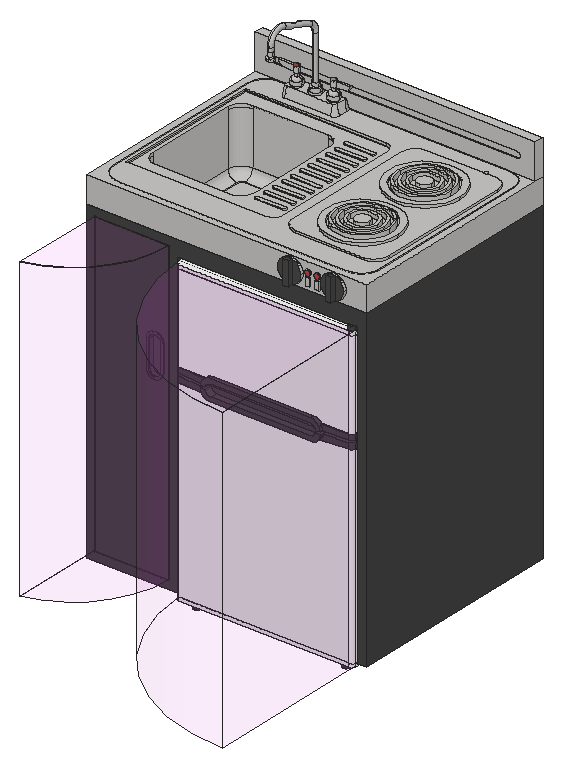
Revit family "QF_Summit_C30ELBK_Kitchenette", category Specialty Equipment, Revit 2020
Family settings
  Round Connector Dimension = Use Diameter
  Part Type = Normal
  Work Plane-Based = No
  Always vertical = Yes
  Cut with Voids When Loaded = No
  Shared = No
  Room Calculation Point = No
Parameters
  Weight in Pounds = 108
  Watts = Volts * FL Amps  # 1506.5 W
  Volts = 115 V
  URL Cutsheet = ""
  Specification by User = ""
  Specification by Manufacturer = ""
  Show LHD [instance] = no
  Show Legs [instance] = no
  Show Clearance [instance] = yes
  Serial Number = ""
  Seismic Rating = ""
  SMACNA No = ""
  Revision Code = ""
  Refrigerant Volume = 0.00 kip
  Refrigerant Type = "R600a"
  Phase = 1
  Number of Poles = 1
  NAFEM Spec ID Number = ""
  Model = "C30ELBK"
  Min Ckt Ampacity = 0 A
  Max Overcurrent Protection = 0 A
  Masterspec = ""
  Manufacturer = "Summit"
  Length = 30"
  Item Number = ""
  Installed By = ""
  Identify Quantity as Lot = yes
  Height = 41 1/2"
  HP = ""
  Furnished By = ""
  Foodservice Equipment Identifier = yes
  FL Amps = 13.1 A
  Electrical Remarks = ""
  Electric Connection Type = ""
  Elec Conn RI Height = 0"
  Elec Conn Connection Height = 0"
  Description = "Kitchenette"
  Depth = 23 5/8"
  Default Elevation = 0"
  Cycle = 60 Hz
  Conn Plug = ""
  Conn Conduit = yes
  CSI MasterFormat = ""
  BTUH = 0.0 Btu/h
  Apparent Power = if(Phase = 3, Volts * FL Amps * 1.73, Volts * FL Amps)  # 1506.5 VA
Reference planes (in)
  plane 1 "BACK": y = 0
  plane 2: z = 0
  plane 3 "LEFT": x = 0
  plane 4 "RIGHT": x = 30
  plane 5 "FRONT": y = -23.625
  plane 6 "TOP": z = 41.5
  plane 7 "Center Y": x = 15
  plane 8 "Center X": y = -11.8125
  plane 9: z = 37.75
  plane 10: z = 35
  plane 11: z = 1
  plane 12: x = 9.75
  plane 13: x = 29.125
  plane 14: z = 22
  plane 15: z = 47.25
  plane 16: y = -1
  plane 17: y = -41.875
  plane 18: z = 37.5
  plane 19: z = 33
  plane 20: y = -33.625
  plane 21: x = 17.91253
  plane 22: x = 26.07381
  plane 23: y = -24.625
Forms (in)
  Extrusion 1, solid, material "QF_Metal_Stainless_Polished"
    sketch origin (-11.06091, -180, 37.75) x (-1, 0, 0) y (0, -1, 0)
      loop
        line (-11.06091, -180) -> (-11.06091, -156.375) -> (-41.06091, -156.375) -> (-41.06091, -180) -> (-11.06091, -180)
      loop
        line (-11.81091, -177) -> (-11.81091, -159.125)
        arc (-11.81091, -159.125) -> (-12.3967, -157.71079) -> (-13.81091, -157.125) r 2
        line (-13.81091, -157.125) -> (-38.31091, -157.125)
        arc (-38.31091, -157.125) -> (-39.72512, -157.71079) -> (-40.31091, -159.125) r 2
        line (-40.31091, -159.125) -> (-40.31091, -177)
        arc (-40.31091, -177) -> (-39.72512, -178.41421) -> (-38.31091, -179) r 2
        line (-38.31091, -179) -> (-13.81091, -179)
        arc (-13.81091, -179) -> (-12.3967, -178.41421) -> (-11.81091, -177) r 2
    from 0 to -2.75
  Extrusion 2, solid, material "QF_Metal_Stainless_Polished"
    sketch origin (-2.35752, -180, 37.5) x (-1, 0, 0) y (0, -1, 0)
      loop
        line (-3.56275, -176.20889) -> (-3.56275, -160.20889) -> (-18.56275, -160.20889)
        arc (-18.56275, -160.20889) -> (-19.26985, -160.50178) -> (-19.56275, -161.20889) r 1
        line (-19.56275, -161.20889) -> (-19.56275, -175.20889)
        arc (-19.56275, -175.20889) -> (-19.26985, -175.916) -> (-18.56275, -176.20889) r 1
        line (-18.56275, -176.20889) -> (-3.56275, -176.20889)
      loop
        arc (-13.59109, -161.625) -> (-14.65175, -162.06434) -> (-15.09109, -163.125) r 1.5
        line (-15.09109, -163.125) -> (-15.09109, -173.125)
        arc (-15.09109, -173.125) -> (-14.65175, -174.18566) -> (-13.59109, -174.625) r 1.5
        line (-13.59109, -174.625) -> (-5.59109, -174.625)
        arc (-5.59109, -174.625) -> (-4.53043, -174.18566) -> (-4.09109, -173.125) r 1.5
        line (-4.09109, -173.125) -> (-4.09109, -163.125)
        arc (-4.09109, -163.125) -> (-4.53043, -162.06434) -> (-5.59109, -161.625) r 1.5
        line (-5.59109, -161.625) -> (-13.59109, -161.625)
    from 0 to -0.25
  Extrusion 3, solid, material "QF_Metal_Stainless_Polished"
    sketch origin (-2.35752, -178, 37.5) x (-1, 0, 0) y (0, -1, 0)
      loop
        line (-18.56275, -174.20889) -> (-3.56275, -174.20889) -> (-3.56275, -158.20889) -> (-18.56275, -158.20889)
        arc (-18.56275, -158.20889) -> (-19.26985, -158.50178) -> (-19.56275, -159.20889) r 1
        line (-19.56275, -159.20889) -> (-19.56275, -173.20889)
        arc (-19.56275, -173.20889) -> (-19.26985, -173.916) -> (-18.56275, -174.20889) r 1
      loop
        line (-3.10752, -175) -> (-3.10752, -157.125)
        arc (-3.10752, -157.125) -> (-3.69331, -155.71079) -> (-5.10752, -155.125) r 2
        line (-5.10752, -155.125) -> (-29.60752, -155.125)
        arc (-29.60752, -155.125) -> (-31.02174, -155.71079) -> (-31.60752, -157.125) r 2
        line (-31.60752, -157.125) -> (-31.60752, -175)
        arc (-31.60752, -175) -> (-31.02174, -176.41421) -> (-29.60752, -177) r 2
        line (-29.60752, -177) -> (-5.10752, -177)
        arc (-5.10752, -177) -> (-3.69331, -176.41421) -> (-3.10752, -175) r 2
    from 0 to -0.25
  Extrusion 4, solid, material "QF_Metal_Stainless_Polished"
    sketch origin (-2.35752, -180, 37.5) x (-1, 0, 0) y (0, -1, 0)
      loop
        arc (-15.77666, -174.67909) -> (-15.56215, -174.46458) -> (-15.77666, -174.25006) r 0.21452
        line (-15.77666, -174.25006) -> (-18.6341, -174.25006)
        arc (-18.6341, -174.25006) -> (-18.84861, -174.46458) -> (-18.6341, -174.67909) r 0.21452
        line (-18.6341, -174.67909) -> (-15.77666, -174.67909)
      loop
        arc (-15.77666, -173.42909) -> (-15.56215, -173.21458) -> (-15.77666, -173.00006) r 0.21452
        line (-15.77666, -173.00006) -> (-18.6341, -173.00006)
        arc (-18.6341, -173.00006) -> (-18.84861, -173.21458) -> (-18.6341, -173.42909) r 0.21452
        line (-18.6341, -173.42909) -> (-15.77666, -173.42909)
      loop
        arc (-15.77666, -172.24159) -> (-15.56215, -172.02708) -> (-15.77666, -171.81256) r 0.21452
        line (-15.77666, -171.81256) -> (-18.6341, -171.81256)
        arc (-18.6341, -171.81256) -> (-18.84861, -172.02708) -> (-18.6341, -172.24159) r 0.21452
        line (-18.6341, -172.24159) -> (-15.77666, -172.24159)
      loop
        arc (-15.77666, -171.05409) -> (-15.56215, -170.83958) -> (-15.77666, -170.62506) r 0.21452
        line (-15.77666, -170.62506) -> (-18.6341, -170.62506)
        arc (-18.6341, -170.62506) -> (-18.84861, -170.83958) -> (-18.6341, -171.05409) r 0.21452
        line (-18.6341, -171.05409) -> (-15.77666, -171.05409)
      loop
        arc (-15.77666, -169.86659) -> (-15.56215, -169.65208) -> (-15.77666, -169.43756) r 0.21452
        line (-15.77666, -169.43756) -> (-18.6341, -169.43756)
        arc (-18.6341, -169.43756) -> (-18.84861, -169.65208) -> (-18.6341, -169.86659) r 0.21452
        line (-18.6341, -169.86659) -> (-15.77666, -169.86659)
      loop
        arc (-15.77666, -168.74159) -> (-15.56215, -168.52708) -> (-15.77666, -168.31256) r 0.21452
        line (-15.77666, -168.31256) -> (-18.6341, -168.31256)
        arc (-18.6341, -168.31256) -> (-18.84861, -168.52708) -> (-18.6341, -168.74159) r 0.21452
        line (-18.6341, -168.74159) -> (-15.77666, -168.74159)
      loop
        arc (-15.77666, -167.49159) -> (-15.56215, -167.27708) -> (-15.77666, -167.06256) r 0.21452
        line (-15.77666, -167.06256) -> (-18.6341, -167.06256)
        arc (-18.6341, -167.06256) -> (-18.84861, -167.27708) -> (-18.6341, -167.49159) r 0.21452
        line (-18.6341, -167.49159) -> (-15.77666, -167.49159)
      loop
        arc (-15.77666, -166.36659) -> (-15.56215, -166.15208) -> (-15.77666, -165.93756) r 0.21452
        line (-15.77666, -165.93756) -> (-18.6341, -165.93756)
        arc (-18.6341, -165.93756) -> (-18.84861, -166.15208) -> (-18.6341, -166.36659) r 0.21452
        line (-18.6341, -166.36659) -> (-15.77666, -166.36659)
      loop
        arc (-15.77666, -165.11659) -> (-15.56215, -164.90208) -> (-15.77666, -164.68756) r 0.21452
        line (-15.77666, -164.68756) -> (-18.6341, -164.68756)
        arc (-18.6341, -164.68756) -> (-18.84861, -164.90208) -> (-18.6341, -165.11659) r 0.21452
        line (-18.6341, -165.11659) -> (-15.77666, -165.11659)
      loop
        arc (-15.77666, -163.92909) -> (-15.56215, -163.71458) -> (-15.77666, -163.50006) r 0.21452
        line (-15.77666, -163.50006) -> (-18.6341, -163.50006)
        arc (-18.6341, -163.50006) -> (-18.84861, -163.71458) -> (-18.6341, -163.92909) r 0.21452
        line (-18.6341, -163.92909) -> (-15.77666, -163.92909)
      loop
        arc (-15.77666, -162.74159) -> (-15.56215, -162.52708) -> (-15.77666, -162.31256) r 0.21452
        line (-15.77666, -162.31256) -> (-18.6341, -162.31256)
        arc (-18.6341, -162.31256) -> (-18.84861, -162.52708) -> (-18.6341, -162.74159) r 0.21452
        line (-18.6341, -162.74159) -> (-15.77666, -162.74159)
    from 0 to 0.0625
  Extrusion 5, solid, material "QF_Metal_Stainless_Polished"
    sketch origin (-2.35752, -180, 37.5) x (-1, 0, 0) y (0, -1, 0)
      loop
        arc (-22.23899, -177.1607) -> (-21.17833, -176.72136) -> (-20.73899, -175.6607) r 1.5
        line (-20.73899, -175.6607) -> (-20.73899, -161.09285)
        arc (-20.73899, -161.09285) -> (-21.17833, -160.03219) -> (-22.23899, -159.59285) r 1.5
        line (-22.23899, -159.59285) -> (-29.49672, -159.59285)
        arc (-29.49672, -159.59285) -> (-30.55738, -160.03219) -> (-30.99672, -161.09285) r 1.5
        line (-30.99672, -161.09285) -> (-30.99672, -175.6607)
        arc (-30.99672, -175.6607) -> (-30.55738, -176.72136) -> (-29.49672, -177.1607) r 1.5
        line (-29.49672, -177.1607) -> (-22.23899, -177.1607)
    from 0 to 0.42639
  Extrusion 6, solid, material "QF_Metal_Stainless_Polished"
    sketch origin (-2.35752, -180, 37.92639) x (-1, 0, 0) y (0, -1, 0)
      loop
        circle (-25.84717, -164.0404) r 3.75
      loop
        circle (-25.84717, -164.0404) r 3.14413
      loop
        circle (-25.84717, -172.3346) r 3.75
      loop
        circle (-25.84717, -172.3346) r 3.14413
    from 0 to 0.25
  Extrusion 7, solid, material "QF_Metal_Stainless_Polished"
    sketch origin (-11.06091, -180, 37.75) x (-1, 0, 0) y (0, -1, 0)
      loop
        line (-11.06091, -180) -> (-11.06091, -179) -> (-41.06091, -179) -> (-41.06091, -180) -> (-11.06091, -180)
    from 0 to 3.75
  Sweep 8, solid, material "QF_Metal_Stainless_Polished"
    path origin (0, 0, 0) x (1, 0, 0) y (0, 1, 0)
      loop
        arc (1.73357, -16.875) -> (2.17291, -17.93566) -> (3.23357, -18.375) r 1.5
        line (3.23357, -18.375) -> (11.23357, -18.375)
        arc (11.23357, -18.375) -> (12.29423, -17.93566) -> (12.73357, -16.875) r 1.5
        line (12.73357, -16.875) -> (12.73357, -6.875)
        arc (12.73357, -6.875) -> (12.29423, -5.81434) -> (11.23357, -5.375) r 1.5
        line (11.23357, -5.375) -> (3.23357, -5.375)
        arc (3.23357, -5.375) -> (2.17291, -5.81434) -> (1.73357, -6.875) r 1.5
        line (1.73357, -6.875) -> (1.73357, -16.875)
    profile origin (1.73357, -11.875, 0) x (-1, 0, 0) y (0, 0, 1)
      loop
        line (0, 37.25) -> (0, 31.5625)
        arc (0, 31.5625) -> (-0.29289, 30.85539) -> (-1, 30.5625) r 1
        line (-1, 30.5625) -> (-1, 30.5)
        arc (-1, 30.5) -> (-0.2487, 30.8112) -> (0.0625, 31.5625) r 1.0625
        line (0.0625, 31.5625) -> (0.0625, 37.25) -> (0, 37.25)
  Extrusion 9, void
    sketch origin (30, -1, 37.75) x (-1, 0, 0) y (0, 0, -1)
      loop
        arc (28.09057, -2.20577) -> (28.46557, -1.83077) -> (28.09057, -1.45577) r 0.375
        line (28.09057, -1.45577) -> (1.90943, -1.45577)
        arc (1.90943, -1.45577) -> (1.53443, -1.83077) -> (1.90943, -2.20577) r 0.375
        line (1.90943, -2.20577) -> (28.09057, -2.20577)
    from 0.25 to -0.25
  Extrusion 10, solid, material "QF_Metallic_Paint_Black_Glossy"
    sketch origin (-11.06091, -180, 1) x (-1, 0, 0) y (0, -1, 0)
      loop
        line (-11.06091, -180) -> (-11.06091, -156.375) -> (-11.93591, -156.375) -> (-11.93591, -179.125) -> (-40.18591, -179.125) -> (-40.18591, -156.375) -> (-41.06091, -156.375) -> (-41.06091, -180) -> (-11.06091, -180)
    from 0 to 34
  Extrusion 11, solid, material "QF_Metallic_Paint_Black_Glossy"
    sketch origin (0.875, -23.625, 1) x (-1, 0, 0) y (0, 0, -1)
      loop
        line (0, -34) -> (0, -33.125) -> (-8, -33.125) -> (-8, 0) -> (-8.875, 0) -> (-8.875, -32.25) -> (-28.25, -32.25) -> (-28.25, -34) -> (0, -34)
    from 0 to -1
  Extrusion 12, solid, material "QF_Metallic_Paint_Black_Glossy"
    sketch origin (0.875, -0.875, 1) x (1, 0, 0) y (0, 0, 1)
      loop
        line (0, 0) -> (8.875, 0) -> (8.875, 0.875) -> (0, 0.875) -> (0, 0)
    from 0 to 22.75
  Extrusion 13, solid, material "QF_Metallic_Paint_Black_Glossy"
    sketch origin (0.875, -23.625, 1) x (-1, 0, 0) y (0, 0, -1)
      loop
        line (-0.0625, -0.9375) -> (-7.9375, -0.9375) -> (-7.9375, -33.0625) -> (-0.0625, -33.0625) -> (-0.0625, -0.9375)
    from 0 to -1
  Extrusion 14, void
    sketch origin (0.875, -23.625, 1) x (-1, 0, 0) y (0, 0, -1)
      loop
        arc (-5.85467, -20.63139) -> (-6.51553, -19.97053) -> (-7.17639, -20.63139) r 0.66086
        line (-7.17639, -20.63139) -> (-7.17639, -23.3786)
        arc (-7.17639, -23.3786) -> (-6.51553, -24.03946) -> (-5.85467, -23.3786) r 0.66086
        line (-5.85467, -23.3786) -> (-5.85467, -20.63139)
    from 0.5 to -0.5009
  Extrusion 15, solid, material "QF_Metallic_Paint_Black_Glossy"
    sketch origin (0.875, -23.625, 1) x (-1, 0, 0) y (0, 0, -1)
      loop
        arc (-7.17639, -23.3786) -> (-6.51553, -24.03946) -> (-5.85467, -23.3786) r 0.66086
        line (-5.85467, -23.3786) -> (-5.85467, -20.63139)
        arc (-5.85467, -20.63139) -> (-6.51553, -19.97053) -> (-7.17639, -20.63139) r 0.66086
        line (-7.17639, -20.63139) -> (-7.17639, -23.3786)
      loop
        arc (-7.42639, -23.3786) -> (-6.51553, -24.28946) -> (-5.60467, -23.3786) r 0.91086
        line (-5.60467, -23.3786) -> (-5.60467, -20.63139)
        arc (-5.60467, -20.63139) -> (-6.51553, -19.72053) -> (-7.42639, -20.63139) r 0.91086
        line (-7.42639, -20.63139) -> (-7.42639, -23.3786)
    from 0 to 0.0625
  Extrusion 16, solid, material "QF_Metal_Stainless_Polished"
    sketch origin (20.54261, -2.8393, 37.5) x (1, 0, 0) y (0, 0, -1)
      loop
        circle (5.5312, -0.32598) r 0.125
    from 0 to 0.25
  Extrusion 17, solid, material "QF_Metal_Stainless_Polished"
    sketch origin (-5.5682, 0, 37.75) x (1, 0, 0) y (0, 0, -1)
      loop
        circle (23.48073, 33.21044) r 0.125
    from 0 to 0.25
  Revolve 18, solid, material "QF_Metal_Stainless_Polished", visible <- "Show Legs"
    sketch origin (-29.125, -2, 0) x (1, 0, 0) y (0, 0, 1)
      loop
        line (29.72745, 1) -> (29.72745, 0) -> (30.15869, 0) -> (30.32989, 0.66742) -> (30.32989, 0.75) -> (29.91022, 0.75) -> (29.91022, 1) -> (29.72745, 1)
      axis (29.72745, 1) -> (29.72745, 0)
    angle from 0 to 360
  Extrusion 19, solid, material "QF_Clearances_Door_Drawer", visible <- "Show Clearance"
    sketch origin (8.8125, -23.625, 1.9375) x (0, 1, 0) y (1, 0, 0)
      loop
        line (0, -7.9375) -> (0, 0.0625)
        arc (0, 0.0625) -> (-6.42508, -2.15616) -> (-10, -7.9375) r 10.12698
        line (-10, -7.9375) -> (0, -7.9375)
    from 0 to -32.125
  Extrusion 20, solid, material "QF_Metal_Stainless_Polished"
    sketch origin (-2.35752, -178, 37.5) x (-1, 0, 0) y (0, -1, 0)
      loop
        line (-18.56275, -174.20889) -> (-3.56275, -174.20889) -> (-3.56275, -158.20889) -> (-18.56275, -158.20889)
        arc (-18.56275, -158.20889) -> (-19.26985, -158.50178) -> (-19.56275, -159.20889) r 1
        line (-19.56275, -159.20889) -> (-19.56275, -173.20889)
        arc (-19.56275, -173.20889) -> (-19.26985, -173.916) -> (-18.56275, -174.20889) r 1
      loop
        arc (-5.10752, -177) -> (-3.69331, -176.41421) -> (-3.10752, -175) r 2
        line (-3.10752, -175) -> (-3.10752, -157.125)
        arc (-3.10752, -157.125) -> (-3.69331, -155.71079) -> (-5.10752, -155.125) r 2
        line (-5.10752, -155.125) -> (-29.60752, -155.125)
        arc (-29.60752, -155.125) -> (-31.02174, -155.71079) -> (-31.60752, -157.125) r 2
        line (-31.60752, -157.125) -> (-31.60752, -175)
        arc (-31.60752, -175) -> (-31.02174, -176.41421) -> (-29.60752, -177) r 2
        line (-29.60752, -177) -> (-5.10752, -177)
      loop
        line (-29.49672, -175.1607) -> (-22.23899, -175.1607)
        arc (-22.23899, -175.1607) -> (-21.17833, -174.72136) -> (-20.73899, -173.6607) r 1.5
        line (-20.73899, -173.6607) -> (-20.73899, -159.09285)
        arc (-20.73899, -159.09285) -> (-21.17833, -158.03219) -> (-22.23899, -157.59285) r 1.5
        line (-22.23899, -157.59285) -> (-29.49672, -157.59285)
        arc (-29.49672, -157.59285) -> (-30.55738, -158.03219) -> (-30.99672, -159.09285) r 1.5
        line (-30.99672, -159.09285) -> (-30.99672, -173.6607)
        arc (-30.99672, -173.6607) -> (-30.55738, -174.72136) -> (-29.49672, -175.1607) r 1.5
    from 0 to 0.25
  Extrusion 21, solid, material "QF_Metal_Stainless_Polished"
    sketch origin (-2.35752, -180, 38.17639) x (-1, 0, 0) y (0, -1, 0)
      loop
        circle (-25.84717, -164.0404) r 2.84153
      loop
        circle (-25.84717, -164.0404) r 2.64726
      loop
        circle (-25.84717, -164.0404) r 2.25
      loop
        circle (-25.84717, -164.0404) r 2
      loop
        circle (-25.84717, -164.0404) r 1.5838
      loop
        circle (-25.84717, -164.0404) r 1.34637
      loop
        circle (-25.84717, -164.0404) r 0.75
      loop
        circle (-25.84717, -172.3346) r 2.84153
      loop
        circle (-25.84717, -172.3346) r 2.64726
      loop
        circle (-25.84717, -172.3346) r 2.25
      loop
        circle (-25.84717, -172.3346) r 2
      loop
        circle (-25.84717, -172.3346) r 1.5838
      loop
        circle (-25.84717, -172.3346) r 1.34637
      loop
        circle (-25.84717, -172.3346) r 0.75
    from -0.25 to 0.25
  Extrusion 22, solid, material "QF_Metal_Stainless_Polished"
    sketch origin (30, -23.625, 37.75) x (-1, 0, 0) y (0, 0, -1)
      loop
        circle (8.01927, 1.375) r 1.25
      loop
        circle (3.45677, 1.375) r 1.25
    from 0 to 0.25
  Extrusion 23, solid, material "QF_Plastic_Black_Smooth"
    sketch origin (30, -23.875, 37.75) x (-1, 0, 0) y (0, 0, -1)
      loop
        line (8.30052, 0.15705) -> (8.30052, 2.59295)
        arc (8.30052, 2.59295) -> (8.01927, 2.625) -> (7.73802, 2.59295) r 1.25
        line (7.73802, 2.59295) -> (7.73802, 0.15705)
        arc (7.73802, 0.15705) -> (8.01927, 0.125) -> (8.30052, 0.15705) r 1.25
      loop
        line (3.73802, 0.15705) -> (3.73802, 2.59295)
        arc (3.73802, 2.59295) -> (3.45677, 2.625) -> (3.17552, 2.59295) r 1.25
        line (3.17552, 2.59295) -> (3.17552, 0.15705)
        arc (3.17552, 0.15705) -> (3.45677, 0.125) -> (3.73802, 0.15705) r 1.25
    from 0 to 0.5
  Extrusion 24, solid, material "QF_Metal_Stainless_Polished"
    sketch origin (30, -23.625, 37.75) x (-1, 0, 0) y (0, 0, -1)
      loop
        line (6.44416, 1.52591) -> (6.44416, 2.34478) -> (6.0315, 2.34478) -> (6.0315, 1.52591) -> (6.44416, 1.52591)
      loop
        line (5.03188, 1.52591) -> (5.44454, 1.52591) -> (5.44454, 2.34478) -> (5.03188, 2.34478) -> (5.03188, 1.52591)
    from 0 to 0.0625
  Extrusion 25, solid
    sketch origin (30, -23.625, 38.82188) x (-1, 0, 0) y (0, 0, -1)
      loop
        circle (6.23783, 2.11341) r 0.30305
      loop
        circle (5.23821, 2.11341) r 0.30305
    from 0 to 0.0625
  Extrusion 26, solid, material "QF_Metal_Stainless_Polished"
    sketch origin (-11.06091, -180, 31.3125) x (0, -1, 0) y (-1, 0, 0)
      loop
        arc (-173.625, -22.29448) -> (-173.47855, -22.64804) -> (-173.125, -22.79448) r 0.5
        line (-173.125, -22.79448) -> (-163.125, -22.79448)
        arc (-163.125, -22.79448) -> (-162.77145, -22.64804) -> (-162.625, -22.29448) r 0.5
        line (-162.625, -22.29448) -> (-162.625, -14.29448)
        arc (-162.625, -14.29448) -> (-162.77145, -13.94093) -> (-163.125, -13.79448) r 0.5
        line (-163.125, -13.79448) -> (-173.125, -13.79448)
        arc (-173.125, -13.79448) -> (-173.47855, -13.94093) -> (-173.625, -14.29448) r 0.5
        line (-173.625, -14.29448) -> (-173.625, -22.29448)
      loop
        circle (-168.125, -18.29448) r 1
    from 0.8125 to 0.75
  Revolve 27, solid, material "QF_Metal_Stainless_Polished", visible <- "Show Legs"
    sketch origin (-28.96005, -21.625, 0) x (1, 0, 0) y (0, 0, 1)
      loop
        line (29.5625, 1) -> (29.5625, 0) -> (29.99374, 0) -> (30.16495, 0.66742) -> (30.16495, 0.75) -> (29.74527, 0.75) -> (29.74527, 1) -> (29.5625, 1)
      axis (29.5625, 1) -> (29.5625, 0)
    angle from 0 to 360
  Revolve 28, solid, material "QF_Metal_Stainless_Polished", visible <- "Show Legs"
    sketch origin (38.875, -2, 0) x (-1, 0, 0) y (0, 0, -1)
      loop
        line (29.72745, -1) -> (29.91022, -1) -> (29.91022, -0.75) -> (30.32989, -0.75) -> (30.32989, -0.66742) -> (30.15869, 0) -> (29.72745, 0) -> (29.72745, -1)
      axis (29.72745, -1) -> (29.72745, 0)
    angle from 0 to 360
  Revolve 29, solid, material "QF_Metal_Stainless_Polished", visible <- "Show Legs"
    sketch origin (38.71005, -21.625, 0) x (-1, 0, 0) y (0, 0, -1)
      loop
        line (29.5625, -1) -> (29.74527, -1) -> (29.74527, -0.75) -> (30.16495, -0.75) -> (30.16495, -0.66742) -> (29.99374, 0) -> (29.5625, 0) -> (29.5625, -1)
      axis (29.5625, -1) -> (29.5625, 0)
    angle from 0 to 360
  Revolve 30, solid, material "QF_Metal_Stainless_Polished", visible <- "Show Legs"
    sketch origin (59.125, -2, 0) x (-1, 0, 0) y (0, 0, -1)
      loop
        line (29.72745, -1) -> (29.91022, -1) -> (29.91022, -0.75) -> (30.32989, -0.75) -> (30.32989, -0.66742) -> (30.15869, 0) -> (29.72745, 0) -> (29.72745, -1)
      axis (29.72745, -1) -> (29.72745, 0)
    angle from 0 to 360
  Revolve 31, solid, material "QF_Metal_Stainless_Polished", visible <- "Show Legs"
    sketch origin (58.96005, -21.625, 0) x (-1, 0, 0) y (0, 0, -1)
      loop
        line (29.5625, -1) -> (29.74527, -1) -> (29.74527, -0.75) -> (30.16495, -0.75) -> (30.16495, -0.66742) -> (29.99374, 0) -> (29.5625, 0) -> (29.5625, -1)
      axis (29.5625, -1) -> (29.5625, 0)
    angle from 0 to 360
Cuts and joins
  joined: Extrusion 2, Sweep 8
  Extrusion 9 cuts Extrusion 7
  joined: Extrusion 10, Extrusion 11, Extrusion 12
  Extrusion 14 cuts Extrusion 13
Lines and regions (in)
  symbolic lines
    curve 1: line (0, 0, 0) -> (30, 0, 0)
    curve 2: line (0, -23.625, 0) -> (0, 0, 0)
    curve 3: line (30, -23.625, 0) -> (0, -23.625, 0)
    curve 4: line (30, 0, 0) -> (30, -23.625, 0)
    curve 5: line (0, -1, 0) -> (30, -1, 0)
    curve 6: arc (2.75, -22.875, 0) -> (1.33579, -22.28921, 0) -> (0.75, -20.875, 0) r 2
    curve 7: line (0.75, -20.875, 0) -> (0.75, -3, 0)
    curve 8: arc (0.75, -3, 0) -> (1.33579, -1.58579, 0) -> (2.75, -1, 0) r 2
    curve 9: arc (27.25, -1, 0) -> (28.66421, -1.58579, 0) -> (29.25, -3, 0) r 2
    curve 10: line (29.25, -3, 0) -> (29.25, -20.875, 0)
    curve 11: arc (29.25, -20.875, 0) -> (28.66421, -22.28921, 0) -> (27.25, -22.875, 0) r 2
    curve 12: line (27.25, -22.875, 0) -> (2.75, -22.875, 0)
    curve 13: line (1.20523, -3.79111, 0) -> (6.90694, -3.79111, 0)
    curve 14: line (1.20523, -3.79111, 0) -> (1.20523, -19.79111, 0)
    curve 15: line (1.20523, -19.79111, 0) -> (16.20523, -19.79111, 0)
    curve 16: arc (16.20523, -19.79111, 0) -> (16.91233, -19.49822, 0) -> (17.20523, -18.79111, 0) r 1
    curve 17: line (17.20523, -18.79111, 0) -> (17.20523, -4.79111, 0)
    curve 18: arc (17.20523, -4.79111, 0) -> (16.91233, -4.084, 0) -> (16.20523, -3.79111, 0) r 1
    curve 19: line (13.41914, -5.74994, 0) -> (16.27658, -5.74994, 0)
    curve 20: arc (16.27658, -5.74994, 0) -> (16.49109, -5.53542, 0) -> (16.27658, -5.32091, 0) r 0.21452
    curve 21: line (16.27658, -5.32091, 0) -> (13.41914, -5.32091, 0)
    curve 22: arc (13.41914, -5.32091, 0) -> (13.20463, -5.53542, 0) -> (13.41914, -5.74994, 0) r 0.21452
    curve 23: line (16.27658, -6.57091, 0) -> (13.41914, -6.57091, 0)
    curve 24: arc (13.41914, -6.57091, 0) -> (13.20463, -6.78542, 0) -> (13.41914, -6.99994, 0) r 0.21452
    curve 25: line (13.41914, -6.99994, 0) -> (16.27658, -6.99994, 0)
    curve 26: arc (16.27658, -6.99994, 0) -> (16.49109, -6.78542, 0) -> (16.27658, -6.57091, 0) r 0.21452
    curve 27: line (16.27658, -7.75841, 0) -> (13.41914, -7.75841, 0)
    curve 28: arc (13.41914, -7.75841, 0) -> (13.20463, -7.97292, 0) -> (13.41914, -8.18744, 0) r 0.21452
    curve 29: line (13.41914, -8.18744, 0) -> (16.27658, -8.18744, 0)
    curve 30: arc (16.27658, -8.18744, 0) -> (16.49109, -7.97292, 0) -> (16.27658, -7.75841, 0) r 0.21452
    curve 31: line (16.27658, -8.94591, 0) -> (13.41914, -8.94591, 0)
    curve 32: arc (13.41914, -8.94591, 0) -> (13.20463, -9.16042, 0) -> (13.41914, -9.37494, 0) r 0.21452
    curve 33: line (13.41914, -9.37494, 0) -> (16.27658, -9.37494, 0)
    curve 34: arc (16.27658, -9.37494, 0) -> (16.49109, -9.16042, 0) -> (16.27658, -8.94591, 0) r 0.21452
    curve 35: line (16.27658, -10.13341, 0) -> (13.41914, -10.13341, 0)
    curve 36: arc (13.41914, -10.13341, 0) -> (13.20463, -10.34792, 0) -> (13.41914, -10.56244, 0) r 0.21452
    curve 37: line (13.41914, -10.56244, 0) -> (16.27658, -10.56244, 0)
    curve 38: arc (16.27658, -10.56244, 0) -> (16.49109, -10.34792, 0) -> (16.27658, -10.13341, 0) r 0.21452
    curve 39: line (16.27658, -11.25841, 0) -> (13.41914, -11.25841, 0)
    curve 40: arc (13.41914, -11.25841, 0) -> (13.20463, -11.47292, 0) -> (13.41914, -11.68744, 0) r 0.21452
    curve 41: line (13.41914, -11.68744, 0) -> (16.27658, -11.68744, 0)
    curve 42: arc (16.27658, -11.68744, 0) -> (16.49109, -11.47292, 0) -> (16.27658, -11.25841, 0) r 0.21452
    curve 43: line (16.27658, -12.50841, 0) -> (13.41914, -12.50841, 0)
    curve 44: arc (13.41914, -12.50841, 0) -> (13.20463, -12.72292, 0) -> (13.41914, -12.93744, 0) r 0.21452
    curve 45: line (13.41914, -12.93744, 0) -> (16.27658, -12.93744, 0)
    curve 46: arc (16.27658, -12.93744, 0) -> (16.49109, -12.72292, 0) -> (16.27658, -12.50841, 0) r 0.21452
    curve 47: line (16.27658, -13.63341, 0) -> (13.41914, -13.63341, 0)
    curve 48: arc (13.41914, -13.63341, 0) -> (13.20463, -13.84792, 0) -> (13.41914, -14.06244, 0) r 0.21452
    curve 49: line (13.41914, -14.06244, 0) -> (16.27658, -14.06244, 0)
    curve 50: arc (16.27658, -14.06244, 0) -> (16.49109, -13.84792, 0) -> (16.27658, -13.63341, 0) r 0.21452
    curve 51: line (16.27658, -14.88341, 0) -> (13.41914, -14.88341, 0)
    curve 52: arc (13.41914, -14.88341, 0) -> (13.20463, -15.09792, 0) -> (13.41914, -15.31244, 0) r 0.21452
    curve 53: line (13.41914, -15.31244, 0) -> (16.27658, -15.31244, 0)
    curve 54: arc (16.27658, -15.31244, 0) -> (16.49109, -15.09792, 0) -> (16.27658, -14.88341, 0) r 0.21452
    curve 55: line (16.27658, -16.07091, 0) -> (13.41914, -16.07091, 0)
    curve 56: arc (13.41914, -16.07091, 0) -> (13.20463, -16.28542, 0) -> (13.41914, -16.49994, 0) r 0.21452
    curve 57: line (13.41914, -16.49994, 0) -> (16.27658, -16.49994, 0)
    curve 58: arc (16.27658, -16.49994, 0) -> (16.49109, -16.28542, 0) -> (16.27658, -16.07091, 0) r 0.21452
    curve 59: line (16.27658, -17.25841, 0) -> (13.41914, -17.25841, 0)
    curve 60: arc (13.41914, -17.25841, 0) -> (13.20463, -17.47292, 0) -> (13.41914, -17.68744, 0) r 0.21452
    curve 61: line (13.41914, -17.68744, 0) -> (16.27658, -17.68744, 0)
    curve 62: arc (16.27658, -17.68744, 0) -> (16.49109, -17.47292, 0) -> (16.27658, -17.25841, 0) r 0.21452
    curve 63: line (12.73357, -6.875, 0) -> (12.73357, -16.875, 0)
    curve 64: arc (12.73357, -16.875, 0) -> (12.29423, -17.93566, 0) -> (11.23357, -18.375, 0) r 1.5
    curve 65: line (11.23357, -18.375, 0) -> (3.23357, -18.375, 0)
    curve 66: arc (3.23357, -18.375, 0) -> (2.17291, -17.93566, 0) -> (1.73357, -16.875, 0) r 1.5
    curve 67: line (1.73357, -16.875, 0) -> (1.73357, -6.875, 0)
    curve 68: arc (1.73357, -6.875, 0) -> (2.17291, -5.81434, 0) -> (3.23357, -5.375, 0) r 1.5
    curve 69: line (3.23357, -5.375, 0) -> (6.90694, -5.375, 0)
    curve 70: arc (11.23357, -5.375, 0) -> (12.29423, -5.81434, 0) -> (12.73357, -6.875, 0) r 1.5
    curve 71: line (11.73357, -16.875, 0) -> (11.73357, -6.875, 0)
    curve 72: arc (11.73357, -6.875, 0) -> (11.58713, -6.52145, 0) -> (11.23357, -6.375, 0) r 0.5
    curve 73: line (11.23357, -6.375, 0) -> (7.53194, -6.375, 0)
    curve 74: arc (3.23357, -6.375, 0) -> (2.88002, -6.52145, 0) -> (2.73357, -6.875, 0) r 0.5
    curve 75: line (2.73357, -6.875, 0) -> (2.73357, -16.875, 0)
    curve 76: arc (2.73357, -16.875, 0) -> (2.88002, -17.22855, 0) -> (3.23357, -17.375, 0) r 0.5
    curve 77: line (3.23357, -17.375, 0) -> (11.23357, -17.375, 0)
    curve 78: arc (11.23357, -17.375, 0) -> (11.58713, -17.22855, 0) -> (11.73357, -16.875, 0) r 0.5
    curve 79: arc (7.23357, -12.875, 0) -> (8.23357, -11.875, 0) -> (7.23357, -10.875, 0) r 1
    curve 80: arc (7.23357, -10.875, 0) -> (6.23357, -11.875, 0) -> (7.23357, -12.875, 0) r 1
    curve 81: line (7.53194, -5.375, 0) -> (11.23357, -5.375, 0)
    curve 82: line (6.90694, -6.375, 0) -> (3.23357, -6.375, 0)
    curve 83: line (7.53194, -3.79111, 0) -> (16.20523, -3.79111, 0)
    curve 85: line (27.1392, -2.8393, 0) -> (19.88147, -2.8393, 0)
    curve 86: arc (19.88147, -2.8393, 0) -> (18.82081, -3.27864, 0) -> (18.38147, -4.3393, 0) r 1.5
    curve 87: line (18.38147, -4.3393, 0) -> (18.38147, -18.90715, 0)
    curve 88: arc (18.38147, -18.90715, 0) -> (18.82081, -19.96781, 0) -> (19.88147, -20.40715, 0) r 1.5
    curve 89: line (19.88147, -20.40715, 0) -> (27.1392, -20.40715, 0)
    curve 90: arc (27.1392, -20.40715, 0) -> (28.19986, -19.96781, 0) -> (28.6392, -18.90715, 0) r 1.5
    curve 91: line (28.6392, -18.90715, 0) -> (28.6392, -4.3393, 0)
    curve 92: arc (28.6392, -4.3393, 0) -> (28.19986, -3.27864, 0) -> (27.1392, -2.8393, 0) r 1.5
    curve 93: arc (27.23964, -7.6654, 0) -> (23.48964, -3.9154, 0) -> (19.73964, -7.6654, 0) r 3.75
    curve 94: arc (19.73964, -7.6654, 0) -> (23.48964, -11.4154, 0) -> (27.23964, -7.6654, 0) r 3.75
    curve 95: arc (20.34552, -7.6654, 0) -> (23.48964, -4.52127, 0) -> (26.63377, -7.6654, 0) r 3.14413
    curve 96: arc (26.63377, -7.6654, 0) -> (23.48964, -10.80953, 0) -> (20.34552, -7.6654, 0) r 3.14413
    curve 97: arc (26.33117, -7.6654, 0) -> (23.48964, -4.82387, 0) -> (20.64812, -7.6654, 0) r 2.84153
    curve 98: arc (20.64812, -7.6654, 0) -> (23.48964, -10.50693, 0) -> (26.33117, -7.6654, 0) r 2.84153
    curve 99: arc (20.84238, -7.6654, 0) -> (23.48964, -5.01814, 0) -> (26.1369, -7.6654, 0) r 2.64726
    curve 100: arc (26.1369, -7.6654, 0) -> (23.48964, -10.31266, 0) -> (20.84238, -7.6654, 0) r 2.64726
    curve 101: arc (25.73964, -7.6654, 0) -> (23.48964, -5.4154, 0) -> (21.23964, -7.6654, 0) r 2.25
    curve 102: arc (21.23964, -7.6654, 0) -> (23.48964, -9.9154, 0) -> (25.73964, -7.6654, 0) r 2.25
    curve 103: arc (21.48964, -7.6654, 0) -> (23.48964, -5.6654, 0) -> (25.48964, -7.6654, 0) r 2
    curve 104: arc (25.48964, -7.6654, 0) -> (23.48964, -9.6654, 0) -> (21.48964, -7.6654, 0) r 2
    curve 105: arc (25.07345, -7.6654, 0) -> (23.48964, -6.0816, 0) -> (21.90584, -7.6654, 0) r 1.5838
    curve 106: arc (21.90584, -7.6654, 0) -> (23.48964, -9.2492, 0) -> (25.07345, -7.6654, 0) r 1.5838
    curve 107: arc (22.14327, -7.6654, 0) -> (23.48964, -6.31902, 0) -> (24.83602, -7.6654, 0) r 1.34637
    curve 108: arc (24.83602, -7.6654, 0) -> (23.48964, -9.01177, 0) -> (22.14327, -7.6654, 0) r 1.34637
    curve 109: arc (24.23964, -7.6654, 0) -> (23.48964, -6.9154, 0) -> (22.73964, -7.6654, 0) r 0.75
    curve 110: arc (22.73964, -7.6654, 0) -> (23.48964, -8.4154, 0) -> (24.23964, -7.6654, 0) r 0.75
    curve 111: arc (27.23964, -15.9596, 0) -> (23.48964, -12.2096, 0) -> (19.73964, -15.9596, 0) r 3.75
    curve 112: arc (19.73964, -15.9596, 0) -> (23.48964, -19.7096, 0) -> (27.23964, -15.9596, 0) r 3.75
    curve 113: arc (20.34552, -15.9596, 0) -> (23.48964, -12.81547, 0) -> (26.63377, -15.9596, 0) r 3.14413
    curve 114: arc (26.63377, -15.9596, 0) -> (23.48964, -19.10373, 0) -> (20.34552, -15.9596, 0) r 3.14413
    curve 115: arc (26.33117, -15.9596, 0) -> (23.48964, -13.11807, 0) -> (20.64812, -15.9596, 0) r 2.84153
    curve 116: arc (20.64812, -15.9596, 0) -> (23.48964, -18.80113, 0) -> (26.33117, -15.9596, 0) r 2.84153
    curve 117: arc (20.84238, -15.9596, 0) -> (23.48964, -13.31234, 0) -> (26.1369, -15.9596, 0) r 2.64726
    curve 118: arc (26.1369, -15.9596, 0) -> (23.48964, -18.60686, 0) -> (20.84238, -15.9596, 0) r 2.64726
    curve 119: arc (25.73964, -15.9596, 0) -> (23.48964, -13.7096, 0) -> (21.23964, -15.9596, 0) r 2.25
    curve 120: arc (21.23964, -15.9596, 0) -> (23.48964, -18.2096, 0) -> (25.73964, -15.9596, 0) r 2.25
    curve 121: arc (21.48964, -15.9596, 0) -> (23.48964, -13.9596, 0) -> (25.48964, -15.9596, 0) r 2
    curve 122: arc (25.48964, -15.9596, 0) -> (23.48964, -17.9596, 0) -> (21.48964, -15.9596, 0) r 2
    curve 123: arc (25.07345, -15.9596, 0) -> (23.48964, -14.3758, 0) -> (21.90584, -15.9596, 0) r 1.5838
    curve 124: arc (21.90584, -15.9596, 0) -> (23.48964, -17.5434, 0) -> (25.07345, -15.9596, 0) r 1.5838
    curve 125: arc (22.14327, -15.9596, 0) -> (23.48964, -14.61323, 0) -> (24.83602, -15.9596, 0) r 1.34637
    curve 126: arc (24.83602, -15.9596, 0) -> (23.48964, -17.30598, 0) -> (22.14327, -15.9596, 0) r 1.34637
    curve 127: arc (24.23964, -15.9596, 0) -> (23.48964, -15.2096, 0) -> (22.73964, -15.9596, 0) r 0.75
    curve 128: arc (22.73964, -15.9596, 0) -> (23.48964, -16.7096, 0) -> (24.23964, -15.9596, 0) r 0.75
    curve 130: line (20.73073, -23.875, 0) -> (20.73073, -23.625, 0)
    curve 131: line (20.73073, -23.875, 0) -> (23.23073, -23.875, 0)
    curve 132: line (23.23073, -23.875, 0) -> (23.23073, -23.625, 0)
    curve 133: line (25.29323, -23.875, 0) -> (25.29323, -23.625, 0)
    curve 134: line (25.29323, -23.875, 0) -> (27.79323, -23.875, 0)
    curve 135: line (27.79323, -23.875, 0) -> (27.79323, -23.625, 0)
    curve 136: line (26.26198, -24.375, 0) -> (26.26198, -23.875, 0)
    curve 137: line (26.82448, -24.375, 0) -> (26.82448, -23.875, 0)
    curve 138: line (26.26198, -24.375, 0) -> (26.82448, -24.375, 0)
    curve 139: line (21.69948, -24.375, 0) -> (21.69948, -23.875, 0)
    curve 140: line (21.69948, -24.375, 0) -> (22.26198, -24.375, 0)
    curve 141: line (22.26198, -24.375, 0) -> (22.26198, -23.875, 0)
  symbolic lines, style "QF_Clearances_Door_Drawer", visible <- "Show Clearance"
    curve 84: line (0.875, -23.625, 0) -> (8.03652, -27.7597, 0)
    curve 129: arc (8.875, -23.625, 0) -> (8.67346, -25.7365, 0) -> (8.03652, -27.7597, 0) r 10.12698
Dimensions and locks (in)
  equal spacing: plane 3 "LEFT", plane 7 "Center Y", plane 4 "RIGHT"
  "Length": plane 3 "LEFT" to plane 4 "RIGHT"
  equal spacing: plane 5 "FRONT", plane 8 "Center X", plane 1 "BACK"
  "Depth": plane 5 "FRONT" to plane 1 "BACK"
  "Height": plane 6 "TOP" to level
  plane 4 "RIGHT" to plane 3 "LEFT" = 30"
  plane 6 "TOP" to plane 9 = 3 3/4"
  plane 9 to plane 10 = 2 3/4"
  plane 9 to plane 2 = 37 3/4"
  plane 11 to plane 2 = 1"
  plane 10 to plane 11 = 34"
  plane 13 to plane 12 to plane 3 "LEFT" = 19 3/8", 9 3/4"
  plane 10 to plane 14 = 13"
  plane 16 to plane 1 "BACK" = 1"
  plane 17 to plane 5 "FRONT" = 18 1/4"
  locked: plane 15 to plane 9 at 9.5
  plane 19 to plane 2 = 33"
  plane 20 to plane 5 "FRONT" = 10"
  plane 10 to Extrusion 26 = 4 1/2"
  plane 23 to plane 5 "FRONT" = 1"
  aligned and locked: level to plane 2
Automatic sketch dimensions
  curve 64 to curve 78 = 0"  (x2)
  curve 66 to curve 76 = 0"  (x2)
  curve 68 to curve 74 = 0"  (x2)
  curve 70 to curve 72 = 0"  (x2)
  curve 79 to curve 80 = 0"  (x2)
  curve 93 to curve 94 = 0"  (x2)
  curve 93 to curve 95 = 0"  (x2)
  curve 93 to curve 96 = 0"  (x2)
  curve 93 to curve 97 = 0"  (x2)
  curve 93 to curve 98 = 0"  (x2)
  curve 93 to curve 99 = 0"  (x2)
  curve 93 to curve 100 = 0"  (x2)
  curve 93 to curve 101 = 0"  (x2)
  curve 93 to curve 102 = 0"  (x2)
  curve 93 to curve 103 = 0"  (x2)
  curve 93 to curve 104 = 0"  (x2)
  curve 93 to curve 105 = 0"  (x2)
  curve 93 to curve 106 = 0"  (x2)
  curve 93 to curve 107 = 0"  (x2)
  curve 93 to curve 108 = 0"  (x2)
  curve 93 to curve 109 = 0"  (x2)
  curve 93 to curve 110 = 0"  (x2)
  curve 94 to curve 95 = 0"  (x2)
  curve 94 to curve 96 = 0"  (x2)
  curve 94 to curve 97 = 0"  (x2)
  curve 94 to curve 98 = 0"  (x2)
  curve 94 to curve 99 = 0"  (x2)
  curve 94 to curve 100 = 0"  (x2)
  curve 94 to curve 101 = 0"  (x2)
  curve 94 to curve 102 = 0"  (x2)
  curve 94 to curve 103 = 0"  (x2)
  curve 94 to curve 104 = 0"  (x2)
  curve 94 to curve 105 = 0"  (x2)
  curve 94 to curve 106 = 0"  (x2)
  curve 94 to curve 107 = 0"  (x2)
  curve 94 to curve 108 = 0"  (x2)
  curve 94 to curve 109 = 0"  (x2)
  curve 94 to curve 110 = 0"  (x2)
  curve 95 to curve 96 = 0"  (x2)
  curve 95 to curve 97 = 0"  (x2)
  curve 95 to curve 98 = 0"  (x2)
  curve 95 to curve 99 = 0"  (x2)
  curve 95 to curve 100 = 0"  (x2)
  curve 95 to curve 101 = 0"  (x2)
  curve 95 to curve 102 = 0"  (x2)
  curve 95 to curve 103 = 0"  (x2)
  curve 95 to curve 104 = 0"  (x2)
  curve 95 to curve 105 = 0"  (x2)
  curve 95 to curve 106 = 0"  (x2)
  curve 95 to curve 107 = 0"  (x2)
  curve 95 to curve 108 = 0"  (x2)
  curve 95 to curve 109 = 0"  (x2)
  curve 95 to curve 110 = 0"  (x2)
  curve 96 to curve 97 = 0"  (x2)
  curve 96 to curve 98 = 0"  (x2)
  curve 96 to curve 99 = 0"  (x2)
  curve 96 to curve 100 = 0"  (x2)
  curve 96 to curve 101 = 0"  (x2)
  curve 96 to curve 102 = 0"  (x2)
  curve 96 to curve 103 = 0"  (x2)
  curve 96 to curve 104 = 0"  (x2)
  curve 96 to curve 105 = 0"  (x2)
  curve 96 to curve 106 = 0"  (x2)
  curve 96 to curve 107 = 0"  (x2)
  curve 96 to curve 108 = 0"  (x2)
  curve 96 to curve 109 = 0"  (x2)
  curve 96 to curve 110 = 0"  (x2)
  curve 97 to curve 98 = 0"  (x2)
  curve 97 to curve 99 = 0"  (x2)
  curve 97 to curve 100 = 0"  (x2)
  curve 97 to curve 101 = 0"  (x2)
  curve 97 to curve 102 = 0"  (x2)
  curve 97 to curve 103 = 0"  (x2)
  curve 97 to curve 104 = 0"  (x2)
  curve 97 to curve 105 = 0"  (x2)
  curve 97 to curve 106 = 0"  (x2)
  curve 97 to curve 107 = 0"  (x2)
  curve 97 to curve 108 = 0"  (x2)
  curve 97 to curve 109 = 0"  (x2)
  curve 97 to curve 110 = 0"  (x2)
  curve 98 to curve 99 = 0"  (x2)
  curve 98 to curve 100 = 0"  (x2)
  curve 98 to curve 101 = 0"  (x2)
  curve 98 to curve 102 = 0"  (x2)
  curve 98 to curve 103 = 0"  (x2)
  curve 98 to curve 104 = 0"  (x2)
  curve 98 to curve 105 = 0"  (x2)
  curve 98 to curve 106 = 0"  (x2)
  curve 98 to curve 107 = 0"  (x2)
  curve 98 to curve 108 = 0"  (x2)
  curve 98 to curve 109 = 0"  (x2)
  curve 98 to curve 110 = 0"  (x2)
  curve 99 to curve 100 = 0"  (x2)
  curve 99 to curve 101 = 0"  (x2)
  curve 99 to curve 102 = 0"  (x2)
  curve 99 to curve 103 = 0"  (x2)
  curve 99 to curve 104 = 0"  (x2)
  curve 99 to curve 105 = 0"  (x2)
  curve 99 to curve 106 = 0"  (x2)
  curve 99 to curve 107 = 0"  (x2)
  curve 99 to curve 108 = 0"  (x2)
  curve 99 to curve 109 = 0"  (x2)
  curve 99 to curve 110 = 0"  (x2)
  curve 100 to curve 101 = 0"  (x2)
  curve 100 to curve 102 = 0"  (x2)
  curve 100 to curve 103 = 0"  (x2)
  curve 100 to curve 104 = 0"  (x2)
  curve 100 to curve 105 = 0"  (x2)
  curve 100 to curve 106 = 0"  (x2)
  curve 100 to curve 107 = 0"  (x2)
  curve 100 to curve 108 = 0"  (x2)
  curve 100 to curve 109 = 0"  (x2)
  curve 100 to curve 110 = 0"  (x2)
  curve 101 to curve 102 = 0"  (x2)
  curve 101 to curve 103 = 0"  (x2)
  curve 101 to curve 104 = 0"  (x2)
  curve 101 to curve 105 = 0"  (x2)
  curve 101 to curve 106 = 0"  (x2)
  curve 101 to curve 107 = 0"  (x2)
  curve 101 to curve 108 = 0"  (x2)
  curve 101 to curve 109 = 0"  (x2)
  curve 101 to curve 110 = 0"  (x2)
  curve 102 to curve 103 = 0"  (x2)
  curve 102 to curve 104 = 0"  (x2)
  curve 102 to curve 105 = 0"  (x2)
  curve 102 to curve 106 = 0"  (x2)
  curve 102 to curve 107 = 0"  (x2)
  curve 102 to curve 108 = 0"  (x2)
  curve 102 to curve 109 = 0"  (x2)
  curve 102 to curve 110 = 0"  (x2)
  curve 103 to curve 104 = 0"  (x2)
  curve 103 to curve 105 = 0"  (x2)
  curve 103 to curve 106 = 0"  (x2)
  curve 103 to curve 107 = 0"  (x2)
  curve 103 to curve 108 = 0"  (x2)
  curve 103 to curve 109 = 0"  (x2)
  curve 103 to curve 110 = 0"  (x2)
  curve 104 to curve 105 = 0"  (x2)
  curve 104 to curve 106 = 0"  (x2)
  curve 104 to curve 107 = 0"  (x2)
  curve 104 to curve 108 = 0"  (x2)
  curve 104 to curve 109 = 0"  (x2)
  curve 104 to curve 110 = 0"  (x2)
  curve 105 to curve 106 = 0"  (x2)
  curve 105 to curve 107 = 0"  (x2)
  curve 105 to curve 108 = 0"  (x2)
  curve 105 to curve 109 = 0"  (x2)
  curve 105 to curve 110 = 0"  (x2)
  curve 106 to curve 107 = 0"  (x2)
  curve 106 to curve 108 = 0"  (x2)
  curve 106 to curve 109 = 0"  (x2)
  curve 106 to curve 110 = 0"  (x2)
  curve 107 to curve 108 = 0"  (x2)
  curve 107 to curve 109 = 0"  (x2)
  curve 107 to curve 110 = 0"  (x2)
  curve 108 to curve 109 = 0"  (x2)
  curve 108 to curve 110 = 0"  (x2)
  curve 109 to curve 110 = 0"  (x2)
  curve 111 to curve 112 = 0"  (x2)
  curve 111 to curve 113 = 0"  (x2)
  curve 111 to curve 114 = 0"  (x2)
  curve 111 to curve 115 = 0"  (x2)
  curve 111 to curve 116 = 0"  (x2)
  curve 111 to curve 117 = 0"  (x2)
  curve 111 to curve 118 = 0"  (x2)
  curve 111 to curve 119 = 0"  (x2)
  curve 111 to curve 120 = 0"  (x2)
  curve 111 to curve 121 = 0"  (x2)
  curve 111 to curve 122 = 0"  (x2)
  curve 111 to curve 123 = 0"  (x2)
  curve 111 to curve 124 = 0"  (x2)
  curve 111 to curve 125 = 0"  (x2)
  curve 111 to curve 126 = 0"  (x2)
  curve 111 to curve 127 = 0"  (x2)
  curve 111 to curve 128 = 0"  (x2)
  curve 112 to curve 113 = 0"  (x2)
  curve 112 to curve 114 = 0"  (x2)
  curve 112 to curve 115 = 0"  (x2)
  curve 112 to curve 116 = 0"  (x2)
  curve 112 to curve 117 = 0"  (x2)
  curve 112 to curve 118 = 0"  (x2)
  curve 112 to curve 119 = 0"  (x2)
  curve 112 to curve 120 = 0"  (x2)
  curve 112 to curve 121 = 0"  (x2)
  curve 112 to curve 122 = 0"  (x2)
  curve 112 to curve 123 = 0"  (x2)
  curve 112 to curve 124 = 0"  (x2)
  curve 112 to curve 125 = 0"  (x2)
  curve 112 to curve 126 = 0"  (x2)
  curve 112 to curve 127 = 0"  (x2)
  curve 112 to curve 128 = 0"  (x2)
  curve 113 to curve 114 = 0"  (x2)
  curve 113 to curve 115 = 0"  (x2)
  curve 113 to curve 116 = 0"  (x2)
  curve 113 to curve 117 = 0"  (x2)
  curve 113 to curve 118 = 0"  (x2)
  curve 113 to curve 119 = 0"  (x2)
  curve 113 to curve 120 = 0"  (x2)
  curve 113 to curve 121 = 0"  (x2)
  curve 113 to curve 122 = 0"  (x2)
  curve 113 to curve 123 = 0"  (x2)
  curve 113 to curve 124 = 0"  (x2)
  curve 113 to curve 125 = 0"  (x2)
  curve 113 to curve 126 = 0"  (x2)
  curve 113 to curve 127 = 0"  (x2)
  curve 113 to curve 128 = 0"  (x2)
  curve 114 to curve 115 = 0"  (x2)
  curve 114 to curve 116 = 0"  (x2)
  curve 114 to curve 117 = 0"  (x2)
  curve 114 to curve 118 = 0"  (x2)
  curve 114 to curve 119 = 0"  (x2)
  curve 114 to curve 120 = 0"  (x2)
  curve 114 to curve 121 = 0"  (x2)
  curve 114 to curve 122 = 0"  (x2)
  curve 114 to curve 123 = 0"  (x2)
  curve 114 to curve 124 = 0"  (x2)
  curve 114 to curve 125 = 0"  (x2)
  curve 114 to curve 126 = 0"  (x2)
  curve 114 to curve 127 = 0"  (x2)
  curve 114 to curve 128 = 0"  (x2)
  curve 115 to curve 116 = 0"  (x2)
  curve 115 to curve 117 = 0"  (x2)
  curve 115 to curve 118 = 0"  (x2)
  curve 115 to curve 119 = 0"  (x2)
  curve 115 to curve 120 = 0"  (x2)
  curve 115 to curve 121 = 0"  (x2)
  curve 115 to curve 122 = 0"  (x2)
  curve 115 to curve 123 = 0"  (x2)
  curve 115 to curve 124 = 0"  (x2)
  curve 115 to curve 125 = 0"  (x2)
  curve 115 to curve 126 = 0"  (x2)
  curve 115 to curve 127 = 0"  (x2)
  curve 115 to curve 128 = 0"  (x2)
  curve 116 to curve 117 = 0"  (x2)
  curve 116 to curve 118 = 0"  (x2)
  curve 116 to curve 119 = 0"  (x2)
  curve 116 to curve 120 = 0"  (x2)
  curve 116 to curve 121 = 0"  (x2)
  curve 116 to curve 122 = 0"  (x2)
  curve 116 to curve 123 = 0"  (x2)
  curve 116 to curve 124 = 0"  (x2)
  curve 116 to curve 125 = 0"  (x2)
  curve 116 to curve 126 = 0"  (x2)
  curve 116 to curve 127 = 0"  (x2)
  curve 116 to curve 128 = 0"  (x2)
  curve 117 to curve 118 = 0"  (x2)
  curve 117 to curve 119 = 0"  (x2)
  curve 117 to curve 120 = 0"  (x2)
  curve 117 to curve 121 = 0"  (x2)
  curve 117 to curve 122 = 0"  (x2)
  curve 117 to curve 123 = 0"  (x2)
  curve 117 to curve 124 = 0"  (x2)
  curve 117 to curve 125 = 0"  (x2)
  curve 117 to curve 126 = 0"  (x2)
  curve 117 to curve 127 = 0"  (x2)
  curve 117 to curve 128 = 0"  (x2)
  curve 118 to curve 119 = 0"  (x2)
  curve 118 to curve 120 = 0"  (x2)
  curve 118 to curve 121 = 0"  (x2)
  curve 118 to curve 122 = 0"  (x2)
  curve 118 to curve 123 = 0"  (x2)
  curve 118 to curve 124 = 0"  (x2)
  curve 118 to curve 125 = 0"  (x2)
  curve 118 to curve 126 = 0"  (x2)
  curve 118 to curve 127 = 0"  (x2)
  curve 118 to curve 128 = 0"  (x2)
  curve 119 to curve 120 = 0"  (x2)
  curve 119 to curve 121 = 0"  (x2)
  curve 119 to curve 122 = 0"  (x2)
  curve 119 to curve 123 = 0"  (x2)
  curve 119 to curve 124 = 0"  (x2)
  curve 119 to curve 125 = 0"  (x2)
  curve 119 to curve 126 = 0"  (x2)
  curve 119 to curve 127 = 0"  (x2)
  curve 119 to curve 128 = 0"  (x2)
  curve 120 to curve 121 = 0"  (x2)
  curve 120 to curve 122 = 0"  (x2)
  curve 120 to curve 123 = 0"  (x2)
  curve 120 to curve 124 = 0"  (x2)
  curve 120 to curve 125 = 0"  (x2)
  curve 120 to curve 126 = 0"  (x2)
  curve 120 to curve 127 = 0"  (x2)
  curve 120 to curve 128 = 0"  (x2)
  curve 121 to curve 122 = 0"  (x2)
  curve 121 to curve 123 = 0"  (x2)
  curve 121 to curve 124 = 0"  (x2)
  curve 121 to curve 125 = 0"  (x2)
  curve 121 to curve 126 = 0"  (x2)
  curve 121 to curve 127 = 0"  (x2)
  curve 121 to curve 128 = 0"  (x2)
  curve 122 to curve 123 = 0"  (x2)
  curve 122 to curve 124 = 0"  (x2)
  curve 122 to curve 125 = 0"  (x2)
  curve 122 to curve 126 = 0"  (x2)
  curve 122 to curve 127 = 0"  (x2)
  curve 122 to curve 128 = 0"  (x2)
  curve 123 to curve 124 = 0"  (x2)
  curve 123 to curve 125 = 0"  (x2)
  curve 123 to curve 126 = 0"  (x2)
  curve 123 to curve 127 = 0"  (x2)
  curve 123 to curve 128 = 0"  (x2)
  curve 124 to curve 125 = 0"  (x2)
  curve 124 to curve 126 = 0"  (x2)
  curve 124 to curve 127 = 0"  (x2)
  curve 124 to curve 128 = 0"  (x2)
  curve 125 to curve 126 = 0"  (x2)
  curve 125 to curve 127 = 0"  (x2)
  curve 125 to curve 128 = 0"  (x2)
  curve 126 to curve 127 = 0"  (x2)
  curve 126 to curve 128 = 0"  (x2)
  curve 127 to curve 128 = 0"  (x2)
  plane 1 "BACK" to curve 1 = 0"
  curve 1 to plane 3 "LEFT" = 0"
  plane 5 "FRONT" to curve 84 = 0"
  curve 8 to plane 16 = 0"
  curve 3 to plane 4 "RIGHT" = 0"
  plane 5 "FRONT" to curve 129 = 0.0988"
  curve 129 to plane 3 "LEFT" = 1.2515"
  plane 3 "LEFT" to curve 7 = 3/4"
  curve 8 to curve 14 = 0.45523"
  plane 3 "LEFT" to curve 67 = 1.73357"
  curve 66 to curve 75 = 1"
  curve 14 to curve 6 = 1.54477"
  curve 13 to curve 8 = 1.54477"
  curve 74 to curve 69 = 1/2"
  curve 76 to curve 77 = 1/2"
  curve 80 to plane 8 "Center X" = 1/16"
  curve 80 to plane 12 = 2.51643"
  curve 84 to plane 12 = 1.71348"
  plane 12 to curve 65 = 1.48357"
  plane 12 to curve 73 = 1.48357"
  curve 64 to curve 71 = 1/2"
  curve 33 to plane 7 "Center Y" = 1.58086"
  curve 29 to curve 32 = 0"
  curve 35 to curve 32 = 0"
  curve 70 to curve 25 = 0.68557"
  curve 39 to curve 36 = 0"
  curve 19 to curve 23 = 0"
  curve 43 to curve 40 = 0"
  curve 63 to curve 61 = 0.68557"
  curve 47 to curve 44 = 0"
  curve 57 to curve 59 = 0"
  curve 51 to curve 48 = 0"
  plane 7 "Center Y" to curve 15 = 1.20523"
  plane 7 "Center Y" to curve 18 = 1.20523"
  plane 7 "Center Y" to curve 50 = 1.27658"
  plane 7 "Center Y" to curve 57 = 1.27658"
  curve 59 to curve 58 = 0"
  curve 46 to curve 50 = 0"
  plane 8 "Center X" to curve 42 = 0.33958"
  curve 42 to curve 43 = 0"
  curve 53 to curve 58 = 0"
  plane 7 "Center Y" to curve 23 = 1.27658"
  curve 18 to curve 21 = 0.07135"
  curve 38 to curve 39 = 0"
  curve 34 to curve 35 = 0"
  curve 30 to curve 25 = 0"
  plane 21 to curve 17 = 0.70731"
  curve 87 to plane 21 = 0.46893"
  curve 87 to curve 88 = 1 1/2"
  curve 85 to plane 21 = 1.96893"
  plane 5 "FRONT" to curve 131 = 1/4"
  curve 131 to plane 21 = 2.8182"
  plane 23 to curve 140 = 1/4"
  curve 130 to curve 140 = 31/32"
  curve 139 to curve 141 = 9/16"
  curve 141 to curve 131 = 31/32"
  plane 22 to curve 102 = 2.58417"
  plane 22 to curve 120 = 2.58417"
  plane 5 "FRONT" to curve 133 = 1/4"
  plane 22 to curve 133 = 0.78058"
  curve 138 to plane 22 = 0.18817"
  plane 23 to curve 138 = 1/4"
  curve 136 to curve 138 = 9/16"
  curve 90 to plane 22 = 1.06539"
  curve 92 to plane 22 = 1.06539"
  curve 92 to curve 9 = 0.1108"
  curve 89 to curve 11 = 0.1108"
  curve 137 to curve 134 = 31/32"
  curve 91 to plane 13 = 0.4858"
  plane 13 to curve 10 = 1/8"
  curve 84 to plane 23 = 3.1347"
  curve 12 to plane 5 "FRONT" = 3/4"
  curve 11 to curve 89 = 0.46785"
  curve 6 to curve 15 = 1.08389"
  curve 14 to curve 65 = 1.41611"
  curve 61 to curve 63 = 0.81244"
  curve 62 to curve 62 = 0.21452"
  curve 62 to curve 57 = 0.75847"
  curve 57 to curve 56 = 0.21452"
  curve 128 to plane 8 "Center X" = 4.1471"
  curve 56 to curve 53 = 0.75847"
  curve 54 to curve 54 = 0.21452"
  curve 51 to curve 49 = 0.82097"
  curve 50 to curve 50 = 0.21452"
  curve 47 to curve 45 = 0.69597"
  curve 45 to curve 44 = 0.21452"
  plane 8 "Center X" to curve 41 = 0.12506"
  curve 39 to curve 37 = 0.69597"
  curve 37 to curve 36 = 0.21452"
  curve 35 to curve 33 = 0.75847"
  curve 33 to curve 32 = 0.21452"
  curve 32 to curve 29 = 0.75847"
  curve 29 to curve 28 = 0.21452"
  plane 8 "Center X" to curve 95 = 4.1471"
  curve 27 to curve 25 = 0.75847"
  curve 24 to curve 71 = 0.12494"
  curve 75 to curve 8 = 3 7/8"
  curve 25 to curve 26 = 0.21452"
  curve 23 to curve 19 = 0.82097"
  curve 19 to curve 22 = 0.21452"
  curve 21 to curve 18 = 0.5298"
  curve 18 to curve 87 = 0.45181"
  curve 13 to curve 8 = 0.79111"
  plane 3 "LEFT" to curve 84 = 7/8"
  curve 13 to plane 12 = 2.84306"
  curve 69 to curve 13 = 0"
  curve 82 to curve 69 = 0"
  curve 69 to curve 81 = 5/8"
  curve 13 to curve 83 = 5/8"
  curve 82 to curve 73 = 5/8"
  curve 93 to plane 21 = 1.82711"
  curve 112 to plane 21 = 1.82711"
  curve 111 to curve 113 = 0.60587"
  curve 93 to curve 95 = 0.60587"
  curve 95 to curve 98 = 0.3026"
  curve 113 to curve 116 = 0.3026"
  curve 97 to curve 99 = 0.19427"
  curve 115 to curve 117 = 0.19427"
  curve 99 to curve 102 = 0.39726"
  curve 117 to curve 120 = 0.39726"
  curve 119 to curve 122 = 1/4"
  curve 101 to curve 103 = 1/4"
  curve 121 to curve 124 = 0.4162"
  curve 103 to curve 105 = 0.4162"
  curve 105 to curve 107 = 0.23743"
  curve 123 to curve 125 = 0.23743"
  curve 125 to curve 127 = 0.59637"
  curve 107 to curve 110 = 0.59637"
  curve 79 to curve 79 = 1"
  plane 1 "BACK" to Extrusion 1 sketch curve = 0"
  Extrusion 1 sketch curve to plane 4 "RIGHT" = 0"
  Extrusion 1 sketch curve to plane 16 = 0"
  Extrusion 1 sketch curve to plane 3 "LEFT" = 0"
  plane 5 "FRONT" to Extrusion 1 sketch curve = 0"
  plane 13 to Extrusion 1 sketch curve = 1/8"
  Extrusion 1 sketch curve to plane 22 = 1.17619"  (x2)
  plane 3 "LEFT" to Extrusion 1 sketch curve = 2 3/4"  (x2)
  Extrusion 1 sketch curve to plane 5 "FRONT" = 3/4"
  plane 3 "LEFT" to Extrusion 1 sketch curve = 3/4"
  plane 21 to Extrusion 2 sketch curve = 0.70731"
  plane 7 "Center Y" to Extrusion 2 sketch curve = 1.20523"  (x2)
  Extrusion 2 sketch curve to plane 7 "Center Y" = 2.26643"
  plane 12 to Extrusion 2 sketch curve = 1.48357"  (x2)
  plane 3 "LEFT" to Extrusion 2 sketch curve = 3.23357"  (x2)
  Extrusion 2 sketch curve to Extrusion 2 sketch curve = 1 1/2"
  plane 3 "LEFT" to Extrusion 2 sketch curve = 1.20523"
  Extrusion 2 sketch curve to plane 16 = 2.79111"
  Extrusion 2 sketch curve to Extrusion 2 sketch curve = 1.58389"
  Extrusion 2 sketch curve to plane 8 "Center X" = 5 1/16"
  Extrusion 2 sketch curve to plane 5 "FRONT" = 4.83389"
  Extrusion 3 sketch curve to plane 16 = 0"
  plane 13 to Extrusion 3 sketch curve = 1/8"
  Extrusion 3 sketch curve to plane 22 = 1.17619"  (x2)
